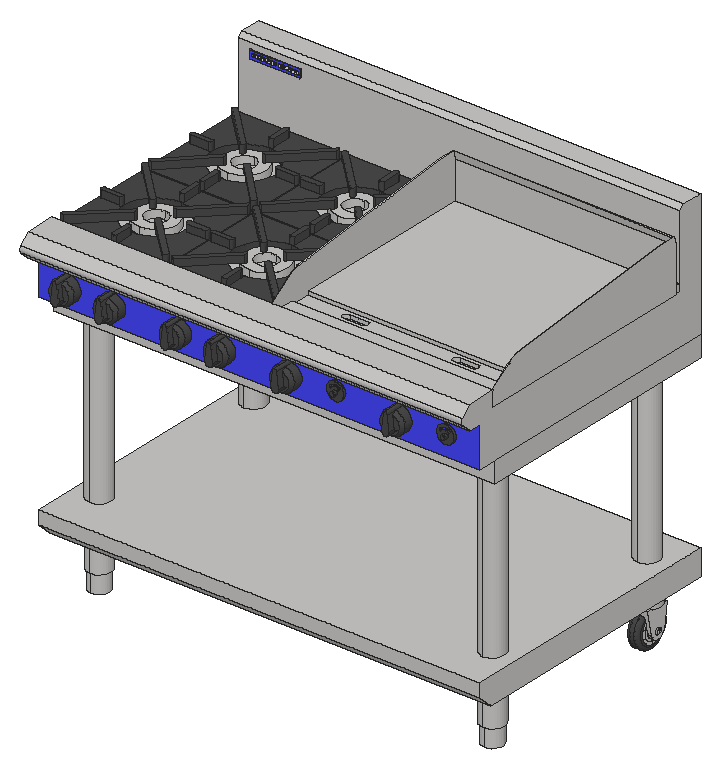
Revit family "QF_MOFFAT_BLUESEAL_CE_G518B-LS", category Specialty Equipment, Revit 2012
Parameters
  Width = 1200 mm
  Weight in Pounds = 347  # constant formula
  URL Cutsheet = "www.moffat.com"
  URL = "www.moffat.com"
  Type Mark [instance] = ""
  Status [instance] = ""
  Specification by User [instance] = ""
  Specification by Manufacturer = ""
  Show Logo [instance] = yes
  Show Casters [instance] = yes
  Serial Number = ""
  Seismic Rating = ""
  SMACNA No = ""
  Revision Code [instance] = ""
  Omniclass Number and Title = ""
  NAFEM Spec ID Number = ""
  Model = "G518B-LS"
  Mechanical Remarks = ""
  Mechanical Connection Type = ""
  Masterspec = ""
  Manufacturer = "MOFFAT BLUESEAL"
  Legs [instance] = not(Show Casters)  # no
  Item Number [instance] = ""
  Installed By [instance] = ""
  Identify Quantity as Lot [instance] = yes
  Gas Size = 3/4"
  Gas RI Height = 0 mm
  Gas KW = 40
  Gas Input = 137000.0 Btu/h
  Gas Connection Height = 0 mm
  Furnished By [instance] = ""
  Foodservice Equipment Identifier [instance] = yes
  Description = "1200MM GAS COOK TOP ON LEG STAND"
  Depth = 812 mm
  CSI MasterFormat = ""
  CSI Master Format = ""
  Base Height [instance] = 150 mm
Reference planes
  plane 1 "BACK": y = 0
  plane 2: z = 0
  plane 3 "LEFT": x = 0
  plane 4 "RIGHT": x = 1200
  plane 5 "FRONT": y = -812
  plane 6 "TOP": z = 970
  plane 7 "Center Y": x = 600
  plane 8 "Center X": y = -406
  plane 9 "Base Height": z = 150
  plane 10: z = 915
  plane 11: x = 1070
  plane 12: z = 1085
  plane 13: x = 65.354
  plane 14: y = -625
  plane 15: y = -100
  plane 16: z = 655
  plane 17: x = 1134.646
Forms (mm)
  Extrusion 1, solid, material "QF_Finishes_Stainless Steel"
    sketch origin (0, 0, 0) x (0, 1, 0) y (0, 0, 1)
      loop
        line (-749, 850) -> (-749, 740) -> (0, 740) -> (0, 1085) -> (-57.5, 1085) -> (-70, 1072.5) -> (-70, 875) -> (-705, 875) -> (-705, 915) -> (-783.97, 915) -> (-808.485, 890.485)
        arc (-808.485, 890.485) -> (-811.999, 882) -> (-808.485, 873.515) r 12
        line (-808.485, 873.515) -> (-784.97, 850) -> (-749, 850)
      loop
        line (0, 685) -> (0, 739.5) -> (-699, 739.5) -> (-699, 685) -> (0, 685)
      loop
        line (0, 222.5) -> (-749, 222.5) -> (-749, 186) -> (-713, 150) -> (0, 150) -> (0, 222.5)
    from 0 to 1200
  Revolve 2, solid, material "QF_Finishes_Black"
    sketch origin (90, 7, 600) x (0, 1, 0) y (0, 0, -1)
      loop
        line (-789, -229.5) -> (-766, -229.5) -> (-766, -202) -> (-756, -202) -> (-756, -197) -> (-800, -197) -> (-800, -223.651) -> (-789, -229.5)
      axis (-800, -197) -> (-756, -197)
    angle from 0 to 360
  Extrusion 3, solid, material "QF_Finishes_Black"
    sketch origin (90, -759, 797) x (0, 0, 1) y (1, 0, 0)
      loop
        arc (32.192, -4.965) -> (37.079, 0.034) -> (32.192, 5.033) r 5
        line (32.192, 5.033) -> (-10.726, 10.453)
        arc (-10.726, 10.453) -> (-22.392, 0.618) -> (-11.893, -10.454) r 10.487
        line (-11.893, -10.454) -> (32.192, -4.965)
    from 0 to -49
  Extrusion 4, solid, material "QF_Finishes_Stainless Steel"
    sketch origin (0, 0, 222.5) x (0, -1, 0) y (1, 0, 0)
      loop
        circle (100, 65) r 31.75
      loop
        circle (625, 65) r 31.75
      loop
        circle (100, 1135) r 31.75
      loop
        circle (625, 1135) r 31.75
    from 0 to 462.5
  Revolve 5, solid, material "QF_Finishes_Stainless Steel", visible <- "Legs"
    sketch origin (65.5, -166, 0) x (0, 1, 0) y (0, 0, 1)
      loop
        line (34.25, 150) -> (34.25, 50) -> (38.5, 50) -> (38.5, 0) -> (66, 0) -> (66, 150) -> (34.25, 150)
      axis (66, 150) -> (66, 0)
    angle from 0 to 360
  Revolve 6, solid, material "QF_Finishes_Stainless Steel"
    sketch origin (65.5, -735, 0) x (0, 1, 0) y (0, 0, 1)
      loop
        line (78.25, 150) -> (78.25, 50) -> (82.5, 50) -> (82.5, 0) -> (110, 0) -> (110, 150) -> (78.25, 150)
      axis (110, 150) -> (110, 0)
    angle from 0 to 360
  Revolve 7, solid, material "QF_Finishes_Stainless Steel", visible <- "Show Casters"
    sketch origin (16.276, -100.755, -12.8) x (1, 0, 0) y (0, 0, 1)
      loop
        line (14.841, 63.604) -> (83.584, 63.604) -> (83.584, 67.109) -> (82.314, 68.379) -> (80.79, 68.379) -> (80.79, 71.826) -> (68.644, 71.826) -> (68.644, 81.79) -> (65.088, 83.843) -> (63.738, 92.179) -> (65.881, 92.179) -> (65.881, 98.529) -> (65.088, 98.529) -> (65.088, 104.879)
        arc (65.088, 104.879) -> (62.298, 111.614) -> (55.563, 114.404) r 9.525
        line (55.563, 114.404) -> (42.863, 114.404)
        arc (42.863, 114.404) -> (36.127, 111.614) -> (33.338, 104.879) r 9.525
        line (33.338, 104.879) -> (33.338, 98.529) -> (32.544, 98.529) -> (32.544, 92.179) -> (34.687, 92.179) -> (33.352, 83.932) -> (29.782, 81.871) -> (29.782, 71.826) -> (17.635, 71.826) -> (17.635, 68.379) -> (16.111, 68.379) -> (14.841, 67.109) -> (14.841, 63.604)
      axis (14.841, 63.604) -> (83.584, 63.604)
    angle from 0 to 360
  Extrusion 8, solid, material "QF_Finishes_Stainless Steel", visible <- "Show Casters"
    sketch origin (72.001, 132.353, -8.783) x (0, 1, 0) y (0, 0, 1)
      loop
        line (-200.603, 118.783) -> (-264.103, 118.783) -> (-251.746, 53.895)
        arc (-251.746, 53.895) -> (-232.353, 38.783) -> (-212.959, 53.895) r 20
        line (-212.959, 53.895) -> (-200.603, 118.783)
    from -35.667 to 22.923
  Revolve 9, solid, material "QF_Finishes_Stainless Steel", visible <- "Show Casters"
    sketch origin (65.5, -204, 0) x (0, 1, 0) y (0, 0, 1)
      loop
        line (68.25, 150) -> (68.25, 110) -> (104, 110) -> (104, 150) -> (68.25, 150)
      axis (104, 150) -> (104, 110)
    angle from 0 to 360
  Revolve 10, solid, material "QF_Finishes_Stainless Steel", visible <- "Legs"
    sketch origin (65.5, -166, 0) x (0, 1, 0) y (0, 0, 1)
      loop
        line (34.25, 150) -> (34.25, 50) -> (38.5, 50) -> (38.5, 0) -> (66, 0) -> (66, 150) -> (34.25, 150)
      axis (66, 150) -> (66, 0)
    angle from 0 to 360
  Extrusion 11, solid, material "QF_Finishes_Stainless Steel"
    sketch origin (0, 0, 685) x (-1, 0, 0) y (0, 1, 0)
      loop
        circle (-1070, -32) r 6.35
    from 0 to 30
  Revolve 12, solid, material "QF_Finishes_Black"
    sketch origin (390, 7, 600) x (0, 1, 0) y (0, 0, -1)
      loop
        line (-789, -229.5) -> (-766, -229.5) -> (-766, -202) -> (-756, -202) -> (-756, -197) -> (-800, -197) -> (-800, -223.651) -> (-789, -229.5)
      axis (-800, -197) -> (-756, -197)
    angle from 0 to 360
  Extrusion 13, solid, material "QF_Finishes_Black"
    sketch origin (390, -759, 797) x (0, 0, 1) y (1, 0, 0)
      loop
        arc (32.192, -4.965) -> (37.079, 0.034) -> (32.192, 5.033) r 5
        line (32.192, 5.033) -> (-10.726, 10.453)
        arc (-10.726, 10.453) -> (-22.392, 0.618) -> (-11.893, -10.454) r 10.487
        line (-11.893, -10.454) -> (32.192, -4.965)
    from 0 to -49
  Revolve 14, solid, material "QF_Finishes_Black"
    sketch origin (690, 7, 600) x (0, 1, 0) y (0, 0, -1)
      loop
        line (-789, -229.5) -> (-766, -229.5) -> (-766, -202) -> (-756, -202) -> (-756, -197) -> (-800, -197) -> (-800, -223.651) -> (-789, -229.5)
      axis (-800, -197) -> (-756, -197)
    angle from 0 to 360
  Extrusion 15, solid, material "QF_Finishes_Black"
    sketch origin (690, -759, 797) x (0, 0, 1) y (1, 0, 0)
      loop
        arc (32.192, -4.965) -> (37.079, 0.034) -> (32.192, 5.033) r 5
        line (32.192, 5.033) -> (-10.726, 10.453)
        arc (-10.726, 10.453) -> (-22.392, 0.618) -> (-11.893, -10.454) r 10.487
        line (-11.893, -10.454) -> (32.192, -4.965)
    from 0 to -49
  Revolve 16, solid, material "QF_Finishes_Black"
    sketch origin (210, 7, 600) x (0, 1, 0) y (0, 0, -1)
      loop
        line (-789, -229.5) -> (-766, -229.5) -> (-766, -202) -> (-756, -202) -> (-756, -197) -> (-800, -197) -> (-800, -223.651) -> (-789, -229.5)
      axis (-800, -197) -> (-756, -197)
    angle from 0 to 360
  Extrusion 17, solid, material "QF_Finishes_Black"
    sketch origin (210, -759, 797) x (0, 0, 1) y (1, 0, 0)
      loop
        arc (32.192, -4.965) -> (37.079, 0.034) -> (32.192, 5.033) r 5
        line (32.192, 5.033) -> (-10.726, 10.453)
        arc (-10.726, 10.453) -> (-22.392, 0.618) -> (-11.893, -10.454) r 10.487
        line (-11.893, -10.454) -> (32.192, -4.965)
    from 0 to -49
  Revolve 18, solid, material "QF_Finishes_Stainless Steel", visible <- "Legs"
    sketch origin (1134.5, -166, 0) x (0, 1, 0) y (0, 0, -1)
      loop
        line (34.25, -150) -> (66, -150) -> (66, 0) -> (38.5, 0) -> (38.5, -50) -> (34.25, -50) -> (34.25, -150)
      axis (66, -150) -> (66, 0)
    angle from 0 to 360
  Revolve 19, solid, material "QF_Finishes_Stainless Steel"
    sketch origin (1134.5, -735, 0) x (0, 1, 0) y (0, 0, -1)
      loop
        line (78.25, -150) -> (110, -150) -> (110, 0) -> (82.5, 0) -> (82.5, -50) -> (78.25, -50) -> (78.25, -150)
      axis (110, -150) -> (110, 0)
    angle from 0 to 360
  Revolve 20, solid, material "QF_Finishes_Stainless Steel", visible <- "Show Casters"
    sketch origin (1183.724, -100.755, -12.8) x (-1, 0, 0) y (0, 0, -1)
      loop
        line (14.841, -63.604) -> (14.841, -67.109) -> (16.111, -68.379) -> (17.635, -68.379) -> (17.635, -71.826) -> (29.782, -71.826) -> (29.782, -81.871) -> (33.352, -83.932) -> (34.687, -92.179) -> (32.544, -92.179) -> (32.544, -98.529) -> (33.338, -98.529) -> (33.338, -104.879)
        arc (33.338, -104.879) -> (36.127, -111.614) -> (42.863, -114.404) r 9.525
        line (42.863, -114.404) -> (55.563, -114.404)
        arc (55.563, -114.404) -> (62.298, -111.614) -> (65.088, -104.879) r 9.525
        line (65.088, -104.879) -> (65.088, -98.529) -> (65.881, -98.529) -> (65.881, -92.179) -> (63.738, -92.179) -> (65.088, -83.843) -> (68.644, -81.79) -> (68.644, -71.826) -> (80.79, -71.826) -> (80.79, -68.379) -> (82.314, -68.379) -> (83.584, -67.109) -> (83.584, -63.604) -> (14.841, -63.604)
      axis (14.841, -63.604) -> (83.584, -63.604)
    angle from 0 to 360
  Extrusion 21, solid, material "QF_Finishes_Stainless Steel", visible <- "Show Casters"
    sketch origin (1127.999, 132.353, -8.783) x (0, 1, 0) y (0, 0, -1)
      loop
        line (-200.603, -118.783) -> (-212.959, -53.895)
        arc (-212.959, -53.895) -> (-232.353, -38.783) -> (-251.746, -53.895) r 20
        line (-251.746, -53.895) -> (-264.103, -118.783) -> (-200.603, -118.783)
    from -35.667 to 22.923
  Revolve 22, solid, material "QF_Finishes_Stainless Steel", visible <- "Show Casters"
    sketch origin (1134.5, -204, 0) x (0, 1, 0) y (0, 0, -1)
      loop
        line (68.25, -150) -> (104, -150) -> (104, -110) -> (68.25, -110) -> (68.25, -150)
      axis (104, -150) -> (104, -110)
    angle from 0 to 360
  Revolve 23, solid, material "QF_Finishes_Stainless Steel", visible <- "Legs"
    sketch origin (1134.5, -166, 0) x (0, 1, 0) y (0, 0, -1)
      loop
        line (34.25, -150) -> (66, -150) -> (66, 0) -> (38.5, 0) -> (38.5, -50) -> (34.25, -50) -> (34.25, -150)
      axis (66, -150) -> (66, 0)
    angle from 0 to 360
  Revolve 24, solid, material "QF_Finishes_Black"
    sketch origin (990, 7, 600) x (0, 1, 0) y (0, 0, -1)
      loop
        line (-789, -229.5) -> (-766, -229.5) -> (-766, -202) -> (-756, -202) -> (-756, -197) -> (-800, -197) -> (-800, -223.651) -> (-789, -229.5)
      axis (-800, -197) -> (-756, -197)
    angle from 0 to 360
  Extrusion 25, solid, material "QF_Finishes_Black"
    sketch origin (990, -759, 797) x (0, 0, 1) y (1, 0, 0)
      loop
        arc (32.192, -4.965) -> (37.079, 0.034) -> (32.192, 5.033) r 5
        line (32.192, 5.033) -> (-10.726, 10.453)
        arc (-10.726, 10.453) -> (-22.392, 0.618) -> (-11.893, -10.454) r 10.487
        line (-11.893, -10.454) -> (32.192, -4.965)
    from 0 to -49
  Revolve 26, solid, material "QF_Finishes_Black"
    sketch origin (510, 7, 600) x (0, 1, 0) y (0, 0, -1)
      loop
        line (-789, -229.5) -> (-766, -229.5) -> (-766, -202) -> (-756, -202) -> (-756, -197) -> (-800, -197) -> (-800, -223.651) -> (-789, -229.5)
      axis (-800, -197) -> (-756, -197)
    angle from 0 to 360
  Extrusion 27, solid, material "QF_Finishes_Black"
    sketch origin (510, -759, 797) x (0, 0, 1) y (1, 0, 0)
      loop
        arc (32.192, -4.965) -> (37.079, 0.034) -> (32.192, 5.033) r 5
        line (32.192, 5.033) -> (-10.726, 10.453)
        arc (-10.726, 10.453) -> (-22.392, 0.618) -> (-11.893, -10.454) r 10.487
        line (-11.893, -10.454) -> (32.192, -4.965)
    from 0 to -49
  Extrusion 28, solid, material "QF_Finishes_Black"
    sketch origin (0, -749, 850) x (0, 0, -1) y (1, 0, 0)
      loop
        circle (53, 810) r 23.9
      loop
        circle (53, 1110) r 23.9
      loop
        arc (45.641, 1118.419) -> (46.501, 1123.219) -> (41.701, 1124.079) r 3.448
        arc (41.701, 1124.079) -> (35.116, 1109.341) -> (42.919, 1095.209) r 18.095
        arc (42.919, 1095.209) -> (47.641, 1096.491) -> (46.326, 1101.204) r 3.448
        arc (46.326, 1101.204) -> (42.758, 1109.683) -> (45.641, 1118.419) r 13.109
      loop
        arc (45.641, 818.419) -> (46.501, 823.219) -> (41.701, 824.079) r 3.448
        arc (41.701, 824.079) -> (35.116, 809.341) -> (42.919, 795.209) r 18.095
        arc (42.919, 795.209) -> (47.641, 796.491) -> (46.326, 801.204) r 3.448
        arc (46.326, 801.204) -> (42.758, 809.683) -> (45.641, 818.419) r 13.109
    from 0 to 5
  Extrusion 29, solid, material "QF_Finishes_Black"
    sketch origin (0, -754, 850) x (0, 0, -1) y (1, 0, 0)
      loop
        circle (56.5, 810) r 5.75
      loop
        circle (56.5, 1110) r 5.75
    from 0 to 10
Lines and regions (mm)
  Split face 1
    outline origin (0, -56.5, 1085) x (0, 1, 0) y (-1, 0, 0)
      loop
        line (11.115, -638.041) -> (11.115, -866)
        arc (11.115, -866) -> (16.115, -874.66) -> (26.115, -874.66) r 10
        line (26.115, -874.66) -> (33.115, -870.619)
        arc (33.115, -870.619) -> (36.775, -866.959) -> (38.115, -861.959) r 10
        line (38.115, -861.959) -> (38.115, -634)
        arc (38.115, -634) -> (33.115, -625.34) -> (23.115, -625.34) r 10
        line (23.115, -625.34) -> (16.115, -629.381)
        arc (16.115, -629.381) -> (12.455, -633.041) -> (11.115, -638.041) r 10
  Split face 2
    outline origin (0, -56.5, 1085) x (0, 1, 0) y (-1, 0, 0)
      loop
        line (38.115, -1151.959) -> (38.115, -924)
        arc (38.115, -924) -> (33.115, -915.34) -> (23.115, -915.34) r 10
        line (23.115, -915.34) -> (16.115, -919.381)
        arc (16.115, -919.381) -> (12.455, -923.041) -> (11.115, -928.041) r 10
        line (11.115, -928.041) -> (11.115, -1156)
        arc (11.115, -1156) -> (16.115, -1164.66) -> (26.115, -1164.66) r 10
        line (26.115, -1164.66) -> (33.115, -1160.619)
        arc (33.115, -1160.619) -> (36.775, -1156.959) -> (38.115, -1151.959) r 10
  Split face 3
    outline origin (0, -56.5, 1085) x (0, 1, 0) y (-1, 0, 0)
      loop
        line (11.115, -48.041) -> (11.115, -276)
        arc (11.115, -276) -> (16.115, -284.66) -> (26.115, -284.66) r 10
        line (26.115, -284.66) -> (33.115, -280.619)
        arc (33.115, -280.619) -> (36.775, -276.959) -> (38.115, -271.959) r 10
        line (38.115, -271.959) -> (38.115, -44)
        arc (38.115, -44) -> (33.115, -35.34) -> (23.115, -35.34) r 10
        line (23.115, -35.34) -> (16.115, -39.381)
        arc (16.115, -39.381) -> (12.455, -43.041) -> (11.115, -48.041) r 10
  Split face 4
    outline origin (0, -56.5, 1085) x (0, 1, 0) y (-1, 0, 0)
      loop
        arc (38.115, -344) -> (33.115, -335.34) -> (23.115, -335.34) r 10
        line (23.115, -335.34) -> (16.115, -339.381)
        arc (16.115, -339.381) -> (12.455, -343.041) -> (11.115, -348.041) r 10
        line (11.115, -348.041) -> (11.115, -576)
        arc (11.115, -576) -> (16.115, -584.66) -> (26.115, -584.66) r 10
        line (26.115, -584.66) -> (33.115, -580.619)
        arc (33.115, -580.619) -> (36.775, -576.959) -> (38.115, -571.959) r 10
        line (38.115, -571.959) -> (38.115, -344)
  symbolic lines, style "SpecialityEquipmentHiddenLines", visible <- "Show Casters"
    curve 1: line (78.456, -46.735, 0) -> (105.952, -62.61, 0)
    curve 2: line (27.656, -134.723, 0) -> (78.456, -46.735, 0)
    curve 3: line (55.152, -150.598, 0) -> (27.656, -134.723, 0)
    curve 4: line (105.952, -62.61, 0) -> (55.152, -150.598, 0)
    curve 5: line (1148.456, -46.735, 0) -> (1175.952, -62.61, 0)
    curve 6: line (1097.656, -134.723, 0) -> (1148.456, -46.735, 0)
    curve 7: line (1125.152, -150.598, 0) -> (1097.656, -134.723, 0)
    curve 8: line (1175.952, -62.61, 0) -> (1125.152, -150.598, 0)
  symbolic lines
    curve 9: line (0, -783.97, 0) -> (1200, -783.97, 0)
    curve 10: line (0, 0, 0) -> (0, -811.999, 0)
    curve 11: line (1200, -811.999, 0) -> (1200, 0, 0)
    curve 12: line (1200, -811.999, 0) -> (0, -811.999, 0)
    curve 13: line (0, -70, 0) -> (1200, -70, 0)
    curve 14: line (0, -57.5, 0) -> (1200, -57.5, 0)
    curve 15: line (1200, 0, 0) -> (0, 0, 0)
    curve 16: line (271.959, -18.385, 0) -> (44, -18.385, 0)
    curve 17: arc (44, -18.385, 0) -> (35.34, -23.385, 0) -> (35.34, -33.385, 0) r 10
    curve 18: line (35.34, -33.385, 0) -> (39.381, -40.385, 0)
    curve 19: arc (39.381, -40.385, 0) -> (43.041, -44.045, 0) -> (48.041, -45.385, 0) r 10
    curve 20: line (48.041, -45.385, 0) -> (276, -45.385, 0)
    curve 21: arc (276, -45.385, 0) -> (284.66, -40.385, 0) -> (284.66, -30.385, 0) r 10
    curve 22: line (284.66, -30.385, 0) -> (280.619, -23.385, 0)
    curve 23: arc (280.619, -23.385, 0) -> (276.959, -19.725, 0) -> (271.959, -18.385, 0) r 10
    curve 24: line (0, -705, 0) -> (1200, -705, 0)
    curve 25: line (571.959, -18.385, 0) -> (344, -18.385, 0)
    curve 26: arc (344, -18.385, 0) -> (335.34, -23.385, 0) -> (335.34, -33.385, 0) r 10
    curve 27: line (335.34, -33.385, 0) -> (339.381, -40.385, 0)
    curve 28: arc (339.381, -40.385, 0) -> (343.041, -44.045, 0) -> (348.041, -45.385, 0) r 10
    curve 29: line (348.041, -45.385, 0) -> (576, -45.385, 0)
    curve 30: arc (576, -45.385, 0) -> (584.66, -40.385, 0) -> (584.66, -30.385, 0) r 10
    curve 31: line (584.66, -30.385, 0) -> (580.619, -23.385, 0)
    curve 32: arc (580.619, -23.385, 0) -> (576.959, -19.725, 0) -> (571.959, -18.385, 0) r 10
    curve 33: line (861.959, -18.385, 0) -> (634, -18.385, 0)
    curve 34: arc (634, -18.385, 0) -> (625.34, -23.385, 0) -> (625.34, -33.385, 0) r 10
    curve 35: line (625.34, -33.385, 0) -> (629.381, -40.385, 0)
    curve 36: arc (629.381, -40.385, 0) -> (633.041, -44.045, 0) -> (638.041, -45.385, 0) r 10
    curve 37: line (638.041, -45.385, 0) -> (866, -45.385, 0)
    curve 38: arc (866, -45.385, 0) -> (874.66, -40.385, 0) -> (874.66, -30.385, 0) r 10
    curve 39: line (874.66, -30.385, 0) -> (870.619, -23.385, 0)
    curve 40: arc (870.619, -23.385, 0) -> (866.959, -19.725, 0) -> (861.959, -18.385, 0) r 10
    curve 41: line (924, -18.385, 0) -> (1151.959, -18.385, 0)
    curve 42: arc (1151.959, -18.385, 0) -> (1156.959, -19.725, 0) -> (1160.619, -23.385, 0) r 10
    curve 43: line (1160.619, -23.385, 0) -> (1164.66, -30.385, 0)
    curve 44: arc (1164.66, -30.385, 0) -> (1164.66, -40.385, 0) -> (1156, -45.385, 0) r 10
    curve 45: line (1156, -45.385, 0) -> (928.041, -45.385, 0)
    curve 46: arc (928.041, -45.385, 0) -> (923.041, -44.045, 0) -> (919.381, -40.385, 0) r 10
    curve 47: line (919.381, -40.385, 0) -> (915.34, -33.385, 0)
    curve 48: arc (915.34, -33.385, 0) -> (915.34, -23.385, 0) -> (924, -18.385, 0) r 10
Dimensions and locks
  equal spacing: plane 3 "LEFT", plane 7 "Center Y", plane 4 "RIGHT"
  "Width": plane 3 "LEFT" to plane 4 "RIGHT"
  equal spacing: plane 5 "FRONT", plane 8 "Center X", plane 1 "BACK"
  "Depth": plane 5 "FRONT" to plane 1 "BACK"
  equal spacing: plane 4 "RIGHT", plane 7 "Center Y", plane 3 "LEFT"
  plane 4 "RIGHT" to plane 3 "LEFT" = 1200 mm
  plane 5 "FRONT" to plane 1 "BACK" = 812 mm
  "Base Height": plane 9 "Base Height" to level
  plane 6 "TOP" to level = 970 mm
  plane 10 to level = 915 mm
  plane 11 to plane 4 "RIGHT" = 130 mm
  plane 12 to plane 2 = 1085 mm
  Revolve 7 sketch curve to Revolve 7 sketch curve = 50.8 mm
  plane 15 to plane 14 = 525 mm
  plane 16 to plane 2 = 655 mm
  Extrusion 11 sketch curve to plane 1 "BACK" = 32 mm
  Revolve 20 sketch curve to Revolve 20 sketch curve = 50.8 mm
  aligned and locked: level to plane 2
Automatic sketch dimensions
  curve 10 to plane 3 "LEFT" = 0 mm
  curve 24 to plane 4 "RIGHT" = 0 mm
  plane 1 "BACK" to curve 15 = 0 mm
  plane 3 "LEFT" to curve 3 = 27.656 mm
  plane 13 to curve 18 = 30.014 mm
  curve 17 to curve 19 = 4.041 mm
  curve 17 to curve 17 = 8.66 mm
  curve 18 to curve 20 = 8.66 mm
  plane 13 to curve 3 = 10.202 mm
  curve 1 to plane 13 = 13.102 mm
  plane 1 "BACK" to curve 16 = 18.385 mm
  curve 1 to curve 16 = 166.007 mm
  curve 23 to curve 21 = 4.041 mm
  curve 23 to curve 23 = 8.66 mm
  plane 1 "BACK" to curve 22 = 30.385 mm
  curve 23 to curve 22 = 4.041 mm
  curve 22 to curve 26 = 50.679 mm
  plane 1 "BACK" to curve 27 = 40.385 mm
  curve 27 to curve 27 = 4.041 mm
  curve 26 to curve 26 = 8.66 mm
  curve 26 to curve 28 = 4.041 mm
  curve 32 to plane 7 "Center Y" = 28.041 mm
  curve 32 to curve 29 = 4.041 mm
  curve 32 to curve 31 = 8.66 mm
  curve 32 to curve 30 = 4.041 mm
  plane 7 "Center Y" to curve 35 = 25.34 mm
  curve 35 to curve 35 = 4.041 mm
  curve 34 to curve 34 = 8.66 mm
  curve 35 to curve 37 = 8.66 mm
  plane 1 "BACK" to curve 33 = 18.385 mm
  curve 33 to plane 11 = 208.041 mm
  curve 40 to curve 37 = 4.041 mm
  plane 1 "BACK" to curve 39 = 23.385 mm
  curve 33 to curve 39 = 8.66 mm
  plane 1 "BACK" to curve 39 = 30.385 mm
  curve 40 to curve 39 = 4.041 mm
  curve 38 to curve 48 = 40.679 mm
  plane 1 "BACK" to curve 47 = 40.385 mm
  curve 47 to curve 47 = 4.041 mm
  curve 48 to curve 48 = 8.66 mm
  curve 47 to curve 46 = 8.66 mm
  plane 11 to curve 6 = 27.656 mm
  curve 7 to plane 17 = 9.494 mm
  plane 17 to curve 6 = 13.809 mm
  plane 17 to curve 41 = 17.312 mm
  curve 42 to curve 44 = 4.041 mm
  curve 42 to curve 43 = 8.66 mm
  curve 42 to curve 43 = 4.041 mm
  curve 19 to curve 16 = 22 mm
  plane 1 "BACK" to curve 30 = 45.385 mm
  curve 21 to curve 21 = 15 mm
  plane 1 "BACK" to curve 44 = 45.385 mm
  curve 38 to curve 39 = 15 mm
  curve 2 to curve 19 = 1.35 mm
  curve 5 to curve 45 = 1.35 mm
  curve 14 to plane 15 = 42.5 mm
  curve 8 to curve 14 = 5.11 mm
  curve 4 to curve 1 = 15.875 mm
  curve 13 to curve 14 = 12.5 mm
  plane 14 to curve 24 = 80 mm
  curve 9 to plane 5 "FRONT" = 28.03 mm
  curve 10 to plane 5 "FRONT" = 0.001 mm
  curve 37 to curve 35 = 5 mm
  curve 45 to curve 44 = 10 mm
  curve 29 to curve 30 = 10 mm
  curve 18 to curve 17 = 7 mm
  curve 46 to curve 47 = 7 mm
  curve 28 to curve 26 = 7 mm  (x2)
  curve 36 to curve 35 = 7 mm
  curve 46 to curve 48 = 7 mm
  curve 44 to curve 42 = 7 mm
  curve 30 to curve 32 = 7 mm
  curve 21 to curve 23 = 7 mm
  plane 10 to Extrusion 1 sketch curve = 0 mm
  Extrusion 1 sketch curve to plane 9 "Base Height" = 0 mm
  plane 12 to Extrusion 1 sketch curve = 0 mm
  Extrusion 1 sketch curve to plane 1 "BACK" = 0 mm  (x3)
  Extrusion 1 sketch curve to plane 15 = 42.5 mm
  plane 12 to Extrusion 1 sketch curve = 12.5 mm
  Extrusion 1 sketch curve to Extrusion 1 sketch curve = 12.5 mm
  plane 16 to Extrusion 1 sketch curve = 30 mm
  plane 14 to Extrusion 1 sketch curve = 74 mm
  plane 14 to Extrusion 1 sketch curve = 80 mm
  plane 14 to Extrusion 1 sketch curve = 88 mm
  Extrusion 1 sketch curve to Extrusion 1 sketch curve = 44 mm
  Extrusion 1 sketch curve to Extrusion 1 sketch curve = 36 mm
  Extrusion 1 sketch curve to plane 5 "FRONT" = 28.03 mm
  Extrusion 1 sketch curve to plane 5 "FRONT" = 27.03 mm
  Extrusion 1 sketch curve to plane 5 "FRONT" = 12.001 mm
  Extrusion 1 sketch curve to plane 5 "FRONT" = 3.515 mm  (x2)
  plane 9 "Base Height" to Extrusion 1 sketch curve = 36 mm
  plane 9 "Base Height" to Extrusion 1 sketch curve = 72.5 mm
  Extrusion 1 sketch curve to Extrusion 1 sketch curve = 54.5 mm
  Extrusion 1 sketch curve to Extrusion 1 sketch curve = 0.5 mm
  plane 10 to Extrusion 1 sketch curve = 65 mm
  Extrusion 1 sketch curve to Extrusion 1 sketch curve = 23.515 mm
  plane 10 to Extrusion 1 sketch curve = 40 mm
  Extrusion 1 sketch curve to Extrusion 1 sketch curve = 8.485 mm
  Revolve 2 sketch curve to plane 5 "FRONT" = 19 mm
  Revolve 2 sketch curve to Revolve 2 sketch curve = 0 mm  (x2)
  Revolve 2 sketch curve to Revolve 2 sketch curve = 11 mm
  Revolve 2 sketch curve to Revolve 2 sketch curve = 12.7 mm
  Revolve 2 sketch curve to Revolve 2 sketch curve = 23 mm
  Revolve 2 sketch curve to Revolve 2 sketch curve = 10 mm
  plane 10 to Revolve 2 sketch curve = 85.5 mm
  Revolve 2 sketch curve to Revolve 2 sketch curve = 5.849 mm
  Revolve 2 sketch curve to Revolve 2 sketch curve = 27.5 mm
  Revolve 2 sketch curve to Revolve 2 sketch curve = 5 mm
  Extrusion 3 sketch curve to Revolve 2 = 0.034 mm  (x2)
  Revolve 2 to Extrusion 3 sketch curve = 10.454 mm
  Extrusion 3 sketch curve to Extrusion 3 sketch curve = 0.028 mm
  Extrusion 3 sketch curve to Revolve 2 = 10.453 mm
  Extrusion 3 sketch curve to Extrusion 3 sketch curve = 44 mm
  Extrusion 3 sketch curve to Revolve 2 = 5.033 mm
  Extrusion 3 sketch curve to Extrusion 3 sketch curve = 0.113 mm
  Revolve 2 to Extrusion 3 sketch curve = 4.965 mm
  Extrusion 4 sketch curve to Extrusion 4 sketch curve = 0 mm  (x8)
  Extrusion 1 to Extrusion 4 sketch curve = 68.25 mm  (x2)
  Extrusion 4 sketch curve to Extrusion 4 sketch curve = 31.75 mm  (x4)
  Extrusion 4 sketch curve to Extrusion 1 = 155.75 mm  (x2)
  Extrusion 1 to Extrusion 4 sketch curve = 65 mm  (x4)
  Revolve 5 sketch curve to plane 9 "Base Height" = 0 mm
  Revolve 5 sketch curve to level = 0 mm
  Revolve 5 sketch curve to plane 15 = 0 mm  (x2)
  plane 15 to Revolve 5 sketch curve = 27.5 mm
  plane 15 to Revolve 5 sketch curve = 31.75 mm
  Revolve 5 sketch curve to Revolve 5 sketch curve = 55 mm
  level to Revolve 5 sketch curve = 50 mm
  Revolve 5 sketch curve to Revolve 5 sketch curve = 0 mm
  Revolve 6 sketch curve to plane 9 "Base Height" = 0 mm
  Revolve 6 sketch curve to level = 0 mm
  Revolve 6 sketch curve to plane 14 = 0 mm  (x2)
  Revolve 6 sketch curve to Revolve 6 sketch curve = 27.5 mm
  Revolve 6 sketch curve to Revolve 6 sketch curve = 31.75 mm
  Revolve 6 sketch curve to Revolve 6 sketch curve = 55 mm
  level to Revolve 6 sketch curve = 50 mm
  Revolve 6 sketch curve to Revolve 6 sketch curve = 0 mm
  plane 3 "LEFT" to Revolve 7 sketch curve = 31.118 mm
  Revolve 7 sketch curve to Revolve 7 sketch curve = 1.27 mm  (x4)
  Revolve 7 sketch curve to Revolve 7 sketch curve = 1.524 mm  (x2)
  Revolve 7 sketch curve to Revolve 7 sketch curve = 12.146 mm  (x2)
  plane 13 to Revolve 7 sketch curve = 16.533 mm
  Revolve 7 sketch curve to Revolve 7 sketch curve = 0.794 mm  (x2)
  Revolve 7 sketch curve to Revolve 7 sketch curve = 3.57 mm
  Revolve 7 sketch curve to Revolve 7 sketch curve = 2.143 mm
  plane 13 to Revolve 7 sketch curve = 6.215 mm
  Revolve 7 sketch curve to plane 13 = 5.276 mm
  Revolve 7 sketch curve to plane 13 = 6.485 mm
  Revolve 7 sketch curve to plane 13 = 14.661 mm
  Revolve 7 sketch curve to Revolve 7 sketch curve = 1.349 mm  (x2)
  Revolve 7 sketch curve to Revolve 7 sketch curve = 3.556 mm
  Revolve 7 sketch curve to Revolve 7 sketch curve = 33.32 mm
  level to Revolve 7 sketch curve = 50.804 mm
  Revolve 7 sketch curve to Revolve 7 sketch curve = 0 mm
  Revolve 7 sketch curve to Revolve 7 sketch curve = 3.505 mm  (x2)
  Revolve 7 sketch curve to Revolve 7 sketch curve = 3.447 mm  (x2)
  Revolve 7 sketch curve to Revolve 7 sketch curve = 9.964 mm
  Revolve 7 sketch curve to Revolve 7 sketch curve = 10.045 mm
  Revolve 7 sketch curve to Revolve 7 sketch curve = 2.053 mm
  Revolve 7 sketch curve to Revolve 7 sketch curve = 2.061 mm
  Revolve 7 sketch curve to Revolve 7 sketch curve = 8.247 mm
  Revolve 7 sketch curve to Revolve 7 sketch curve = 8.336 mm
  Revolve 7 sketch curve to Revolve 7 sketch curve = 6.35 mm  (x2)
  Extrusion 8 sketch curve to plane 15 = 0 mm
  plane 15 to Extrusion 8 sketch curve = 19.393 mm
  plane 15 to Extrusion 8 sketch curve = 31.75 mm
  Extrusion 8 sketch curve to plane 15 = 19.393 mm
  Extrusion 8 sketch curve to plane 15 = 31.75 mm
  level to Extrusion 8 sketch curve = 45.111 mm
  Extrusion 8 sketch curve to Extrusion 8 sketch curve = 4.889 mm
  Extrusion 8 sketch curve to plane 9 "Base Height" = 40 mm
  Revolve 9 sketch curve to plane 9 "Base Height" = 0 mm
  Revolve 9 sketch curve to plane 15 = 0 mm  (x2)
  plane 15 to Revolve 9 sketch curve = 35.75 mm
  Revolve 9 sketch curve to Revolve 9 sketch curve = 40 mm
  level to Revolve 9 sketch curve = 50 mm
  Revolve 9 sketch curve to level = 55 mm
  Revolve 10 sketch curve to plane 9 "Base Height" = 0 mm
  Revolve 10 sketch curve to level = 0 mm
  Revolve 10 sketch curve to plane 15 = 0 mm  (x2)
  plane 15 to Revolve 10 sketch curve = 27.5 mm
  plane 15 to Revolve 10 sketch curve = 31.75 mm
  Revolve 10 sketch curve to Revolve 10 sketch curve = 55 mm
  level to Revolve 10 sketch curve = 50 mm
  Revolve 10 sketch curve to Revolve 10 sketch curve = 0 mm
  Extrusion 11 sketch curve to Extrusion 11 sketch curve = 0 mm
  Extrusion 11 sketch curve to Extrusion 1 = 38.35 mm
  Extrusion 11 sketch curve to Extrusion 1 = 130 mm
  Split face 1 sketch curve to Extrusion 1 = 12.115 mm
  Split face 1 sketch curve to Split face 1 sketch curve = 5 mm  (x3)
  Split face 1 sketch curve to Split face 1 sketch curve = 10 mm  (x2)
  Split face 1 sketch curve to Split face 1 sketch curve = 7 mm  (x4)
  Split face 1 sketch curve to Extrusion 1 = 325.34 mm
  Split face 1 sketch curve to Split face 1 sketch curve = 4.041 mm  (x2)
  Split face 1 sketch curve to Split face 1 sketch curve = 223.917 mm
  Split face 2 sketch curve to Extrusion 1 = 12.115 mm
  Split face 2 sketch curve to Split face 2 sketch curve = 5 mm  (x3)
  Split face 2 sketch curve to Split face 2 sketch curve = 10 mm  (x2)
  Split face 2 sketch curve to Split face 2 sketch curve = 7 mm  (x4)
  Split face 2 sketch curve to Extrusion 1 = 35.34 mm
  Split face 2 sketch curve to Split face 2 sketch curve = 4.041 mm  (x2)
  Split face 2 sketch curve to Split face 2 sketch curve = 223.917 mm
  Split face 3 sketch curve to Extrusion 1 = 12.115 mm
  Split face 3 sketch curve to Split face 3 sketch curve = 5 mm  (x3)
  Split face 3 sketch curve to Split face 3 sketch curve = 10 mm  (x2)
  Split face 3 sketch curve to Split face 3 sketch curve = 7 mm  (x4)
  Split face 3 sketch curve to Extrusion 1 = 284.66 mm
  Split face 3 sketch curve to Split face 3 sketch curve = 4.041 mm  (x2)
  Split face 3 sketch curve to Extrusion 1 = 48.041 mm
  Revolve 12 sketch curve to plane 5 "FRONT" = 19 mm
  Revolve 12 sketch curve to Revolve 12 sketch curve = 0 mm  (x2)
  Revolve 12 sketch curve to Revolve 12 sketch curve = 11 mm
  Revolve 12 sketch curve to Revolve 12 sketch curve = 12.7 mm
  Revolve 12 sketch curve to Revolve 12 sketch curve = 23 mm
  Revolve 12 sketch curve to Revolve 12 sketch curve = 10 mm
  plane 10 to Revolve 12 sketch curve = 85.5 mm
  Revolve 12 sketch curve to Revolve 12 sketch curve = 5.849 mm
  Revolve 12 sketch curve to Revolve 12 sketch curve = 27.5 mm
  Revolve 12 sketch curve to Revolve 12 sketch curve = 5 mm
  Extrusion 13 sketch curve to Revolve 12 = 0.034 mm  (x2)
  Revolve 12 to Extrusion 13 sketch curve = 10.454 mm
  Extrusion 13 sketch curve to Extrusion 13 sketch curve = 0.028 mm
  Extrusion 13 sketch curve to Revolve 12 = 10.453 mm
  Extrusion 13 sketch curve to Extrusion 13 sketch curve = 44 mm
  Extrusion 13 sketch curve to Revolve 12 = 5.033 mm
  Extrusion 13 sketch curve to Extrusion 13 sketch curve = 0.113 mm
  Revolve 12 to Extrusion 13 sketch curve = 4.965 mm
  Revolve 14 sketch curve to plane 5 "FRONT" = 19 mm
  Revolve 14 sketch curve to Revolve 14 sketch curve = 0 mm  (x2)
  Revolve 14 sketch curve to Revolve 14 sketch curve = 11 mm
  Revolve 14 sketch curve to Revolve 14 sketch curve = 12.7 mm
  Revolve 14 sketch curve to Revolve 14 sketch curve = 23 mm
  Revolve 14 sketch curve to Revolve 14 sketch curve = 10 mm
  plane 10 to Revolve 14 sketch curve = 85.5 mm
  Revolve 14 sketch curve to Revolve 14 sketch curve = 5.849 mm
  Revolve 14 sketch curve to Revolve 14 sketch curve = 27.5 mm
  Revolve 14 sketch curve to Revolve 14 sketch curve = 5 mm
  Extrusion 15 sketch curve to Revolve 14 = 0.034 mm  (x2)
  Revolve 14 to Extrusion 15 sketch curve = 10.454 mm
  Extrusion 15 sketch curve to Extrusion 15 sketch curve = 0.028 mm
  Extrusion 15 sketch curve to Revolve 14 = 10.453 mm
  Extrusion 15 sketch curve to Extrusion 15 sketch curve = 44 mm
  Extrusion 15 sketch curve to Revolve 14 = 5.033 mm
  Extrusion 15 sketch curve to Extrusion 15 sketch curve = 0.113 mm
  Revolve 14 to Extrusion 15 sketch curve = 4.965 mm
  Revolve 16 sketch curve to plane 5 "FRONT" = 19 mm
  Revolve 16 sketch curve to Revolve 16 sketch curve = 0 mm  (x2)
  Revolve 16 sketch curve to Revolve 16 sketch curve = 11 mm
  Revolve 16 sketch curve to Revolve 16 sketch curve = 12.7 mm
  Revolve 16 sketch curve to Revolve 16 sketch curve = 23 mm
  Revolve 16 sketch curve to Revolve 16 sketch curve = 10 mm
  plane 10 to Revolve 16 sketch curve = 85.5 mm
  Revolve 16 sketch curve to Revolve 16 sketch curve = 5.849 mm
  Revolve 16 sketch curve to Revolve 16 sketch curve = 27.5 mm
  Revolve 16 sketch curve to Revolve 16 sketch curve = 5 mm
  Extrusion 17 sketch curve to Revolve 16 = 0.034 mm  (x2)
  Revolve 16 to Extrusion 17 sketch curve = 10.454 mm
  Extrusion 17 sketch curve to Extrusion 17 sketch curve = 0.028 mm
  Extrusion 17 sketch curve to Revolve 16 = 10.453 mm
  Extrusion 17 sketch curve to Extrusion 17 sketch curve = 44 mm
  Extrusion 17 sketch curve to Revolve 16 = 5.033 mm
  Extrusion 17 sketch curve to Extrusion 17 sketch curve = 0.113 mm
  Revolve 16 to Extrusion 17 sketch curve = 4.965 mm
  Revolve 18 sketch curve to plane 9 "Base Height" = 0 mm
  Revolve 18 sketch curve to level = 0 mm
  Revolve 18 sketch curve to plane 15 = 0 mm  (x2)
  plane 15 to Revolve 18 sketch curve = 27.5 mm
  plane 15 to Revolve 18 sketch curve = 31.75 mm
  level to Revolve 18 sketch curve = 50 mm
  Revolve 18 sketch curve to Revolve 18 sketch curve = 0 mm
  Revolve 18 sketch curve to Revolve 18 sketch curve = 55 mm
  Revolve 19 sketch curve to plane 9 "Base Height" = 0 mm
  Revolve 19 sketch curve to level = 0 mm
  Revolve 19 sketch curve to plane 14 = 0 mm  (x2)
  Revolve 19 sketch curve to Revolve 19 sketch curve = 27.5 mm
  Revolve 19 sketch curve to Revolve 19 sketch curve = 31.75 mm
  level to Revolve 19 sketch curve = 50 mm
  Revolve 19 sketch curve to Revolve 19 sketch curve = 0 mm
  Revolve 19 sketch curve to Revolve 19 sketch curve = 55 mm
  plane 4 "RIGHT" to Revolve 20 sketch curve = 31.118 mm
  Revolve 20 sketch curve to Revolve 20 sketch curve = 1.27 mm  (x4)
  Revolve 20 sketch curve to Revolve 20 sketch curve = 1.524 mm  (x2)
  Revolve 20 sketch curve to Revolve 20 sketch curve = 12.146 mm  (x2)
  plane 17 to Revolve 20 sketch curve = 16.533 mm
  Revolve 20 sketch curve to Revolve 20 sketch curve = 0.794 mm  (x2)
  Revolve 20 sketch curve to Revolve 20 sketch curve = 3.57 mm
  Revolve 20 sketch curve to Revolve 20 sketch curve = 2.143 mm
  plane 17 to Revolve 20 sketch curve = 6.215 mm
  Revolve 20 sketch curve to plane 17 = 5.276 mm
  Revolve 20 sketch curve to plane 17 = 6.485 mm
  Revolve 20 sketch curve to plane 17 = 14.661 mm
  Revolve 20 sketch curve to Revolve 20 sketch curve = 1.349 mm  (x2)
  Revolve 20 sketch curve to Revolve 20 sketch curve = 3.556 mm
  Revolve 20 sketch curve to plane 11 = 3.18 mm
  Revolve 20 sketch curve to plane 9 "Base Height" = 48.396 mm
  Revolve 20 sketch curve to Revolve 20 sketch curve = 6.35 mm  (x4)
  Revolve 20 sketch curve to Revolve 20 sketch curve = 8.247 mm
  Revolve 20 sketch curve to Revolve 20 sketch curve = 8.336 mm
  Revolve 20 sketch curve to Revolve 20 sketch curve = 2.061 mm
  Revolve 20 sketch curve to Revolve 20 sketch curve = 2.053 mm
  Revolve 20 sketch curve to Revolve 20 sketch curve = 10.045 mm
  Revolve 20 sketch curve to Revolve 20 sketch curve = 9.964 mm
  Revolve 20 sketch curve to Revolve 20 sketch curve = 3.447 mm  (x2)
  Revolve 20 sketch curve to Revolve 20 sketch curve = 3.505 mm
  Extrusion 21 sketch curve to plane 15 = 0 mm
  plane 15 to Extrusion 21 sketch curve = 19.393 mm
  plane 15 to Extrusion 21 sketch curve = 31.75 mm
  Extrusion 21 sketch curve to plane 15 = 19.393 mm
  Extrusion 21 sketch curve to plane 15 = 31.75 mm
  Extrusion 21 sketch curve to plane 9 "Base Height" = 40 mm
  level to Extrusion 21 sketch curve = 50 mm
  Extrusion 21 sketch curve to Extrusion 21 sketch curve = 4.889 mm
  Revolve 22 sketch curve to plane 9 "Base Height" = 0 mm
  Revolve 22 sketch curve to plane 15 = 0 mm  (x2)
  plane 15 to Revolve 22 sketch curve = 35.75 mm
  Revolve 22 sketch curve to Revolve 22 sketch curve = 40 mm
  level to Revolve 22 sketch curve = 50 mm
  Revolve 22 sketch curve to level = 55 mm
  Revolve 23 sketch curve to plane 9 "Base Height" = 0 mm
  Revolve 23 sketch curve to level = 0 mm
  Revolve 23 sketch curve to plane 15 = 0 mm  (x2)
  plane 15 to Revolve 23 sketch curve = 27.5 mm
  plane 15 to Revolve 23 sketch curve = 31.75 mm
  level to Revolve 23 sketch curve = 50 mm
  Revolve 23 sketch curve to Revolve 23 sketch curve = 0 mm
  Revolve 23 sketch curve to Revolve 23 sketch curve = 55 mm
  Split face 4 sketch curve to Extrusion 1 = 12.115 mm
  Split face 4 sketch curve to Split face 4 sketch curve = 5 mm  (x4)
  Split face 4 sketch curve to Split face 4 sketch curve = 10 mm
  Split face 4 sketch curve to Split face 4 sketch curve = 7 mm  (x4)
  Split face 4 sketch curve to Extrusion 1 = 584.66 mm
  Split face 4 sketch curve to Split face 4 sketch curve = 4.041 mm  (x2)
  Split face 4 sketch curve to Split face 4 sketch curve = 223.917 mm
  Revolve 24 sketch curve to plane 5 "FRONT" = 19 mm
  Revolve 24 sketch curve to Revolve 24 sketch curve = 0 mm  (x2)
  Revolve 24 sketch curve to Revolve 24 sketch curve = 11 mm
  Revolve 24 sketch curve to Revolve 24 sketch curve = 12.7 mm
  Revolve 24 sketch curve to Revolve 24 sketch curve = 23 mm
  Revolve 24 sketch curve to Revolve 24 sketch curve = 10 mm
  plane 10 to Revolve 24 sketch curve = 85.5 mm
  Revolve 24 sketch curve to Revolve 24 sketch curve = 5.849 mm
  Revolve 24 sketch curve to Revolve 24 sketch curve = 27.5 mm
  Revolve 24 sketch curve to Revolve 24 sketch curve = 5 mm
  Extrusion 25 sketch curve to Revolve 24 = 0.034 mm  (x2)
  Revolve 24 to Extrusion 25 sketch curve = 10.454 mm
  Extrusion 25 sketch curve to Extrusion 25 sketch curve = 0.028 mm
  Extrusion 25 sketch curve to Revolve 24 = 10.453 mm
  Extrusion 25 sketch curve to Extrusion 25 sketch curve = 44 mm
  Extrusion 25 sketch curve to Revolve 24 = 5.033 mm
  Extrusion 25 sketch curve to Extrusion 25 sketch curve = 0.113 mm
  Revolve 24 to Extrusion 25 sketch curve = 4.965 mm
  Revolve 26 sketch curve to plane 5 "FRONT" = 19 mm
  Revolve 26 sketch curve to Revolve 26 sketch curve = 0 mm  (x2)
  Revolve 26 sketch curve to Revolve 26 sketch curve = 11 mm
  Revolve 26 sketch curve to Revolve 26 sketch curve = 12.7 mm
  Revolve 26 sketch curve to Revolve 26 sketch curve = 23 mm
  Revolve 26 sketch curve to Revolve 26 sketch curve = 10 mm
  plane 10 to Revolve 26 sketch curve = 85.5 mm
  Revolve 26 sketch curve to Revolve 26 sketch curve = 5.849 mm
  Revolve 26 sketch curve to Revolve 26 sketch curve = 27.5 mm
  Revolve 26 sketch curve to Revolve 26 sketch curve = 5 mm
  Extrusion 27 sketch curve to Revolve 26 = 0.034 mm  (x2)
  Revolve 26 to Extrusion 27 sketch curve = 10.454 mm
  Extrusion 27 sketch curve to Extrusion 27 sketch curve = 0.028 mm
  Extrusion 27 sketch curve to Revolve 26 = 10.453 mm
  Extrusion 27 sketch curve to Extrusion 27 sketch curve = 44 mm
  Extrusion 27 sketch curve to Revolve 26 = 5.033 mm
  Extrusion 27 sketch curve to Extrusion 27 sketch curve = 0.113 mm
  Revolve 26 to Extrusion 27 sketch curve = 4.965 mm
  plane 10 to Extrusion 28 sketch curve = 106.701 mm  (x2)
  Extrusion 28 sketch curve to Extrusion 28 sketch curve = 1.218 mm  (x2)
  Extrusion 28 sketch curve to Extrusion 28 sketch curve = 1.97 mm  (x4)
  Extrusion 28 sketch curve to Extrusion 28 sketch curve = 1.724 mm  (x2)
  Extrusion 28 sketch curve to Extrusion 28 sketch curve = 1.683 mm  (x2)
  Extrusion 28 sketch curve to Extrusion 28 sketch curve = 6.674 mm  (x2)
  Extrusion 28 sketch curve to Extrusion 28 sketch curve = 0.195 mm  (x2)
  Extrusion 28 sketch curve to Extrusion 28 sketch curve = 2.662 mm  (x2)
  plane 7 "Center Y" to Extrusion 28 sketch curve = 495.209 mm
  Extrusion 28 sketch curve to Extrusion 28 sketch curve = 2.986 mm  (x2)
  Extrusion 28 sketch curve to Extrusion 28 sketch curve = 8.796 mm  (x2)
  Extrusion 28 sketch curve to Extrusion 28 sketch curve = 0.103 mm  (x2)
  Extrusion 28 sketch curve to Extrusion 28 sketch curve = 0.102 mm  (x2)
  plane 7 "Center Y" to Extrusion 28 sketch curve = 195.209 mm
  Extrusion 29 sketch curve to Extrusion 29 sketch curve = 0 mm
  Extrusion 29 sketch curve to Extrusion 29 sketch curve = 300 mm
  radius of Extrusion 28 sketch curve = 23.9 mm  (x2)
  radius of Extrusion 29 sketch curve = 5.75 mm  (x2)
Nested families
  nested 1: "WALDORF LOGO_FACE BASE" at (32, -70, 1057.475) x (1, 0, 0) z (0, -1, 0), visible <- "Show Logo", type "WALDORF LOGO_FACE BASE", detail levels medium+fine
    with Show Logo yes
  nested 2: "GAS BURNER 600 & GRIDDLE 600" at (0, -70, 875.195), type "GAS BURNER 600 & GRIDDLE 600"
    with Width 1200 mm, Type Mark "", Status "", Specification by User "", Revision Code "", Item Number "", Installed By "", Identify Quantity as Lot yes, Furnished By "", Foodservice Equipment Identifier yes, Depth 635 mm
Connectors
  piping at (1070, -32, 655)
    settings: on Extrusion 11, index 1, connector radius 0.37402", flow factor 0, pipe flow 0 GPM, pressure drop 0.00 psi, fitting loss kfactor 0, connector angle 0.00°, fixture units 0, engagement length 0 mm, flow configuration 1, flow direction 1, fitting loss method 0, system type 7, joint type 0, gender type 0, connector reference index -1, connector utility 0, adjustable connector no, is connector primary yes, fitting loss table "", connector description "GAS CONNECTION"
Definition of nested family "WALDORF LOGO_FACE BASE"
  Parameters (values of type "WALDORF LOGO_FACE BASE")
    Show Logo [instance] = yes
    Default Elevation = 1219.2 mm
  Reference planes
    plane 1 "Center (Front/Back)": y = 0
    plane 2: z = 0
    plane 3 "Center (Left/Right)": x = 0
  Forms (mm)
    Extrusion 1, solid
      sketch origin (0, 0, 0) x (1, 0, 0) y (0, 1, 0)
        loop
          line (-1219.2, 1219.2) -> (-1219.2, -1219.2) -> (1219.2, -1219.2) -> (1219.2, 1219.2) -> (-1219.2, 1219.2)
      from 0 to -304.8
    Extrusion 2, solid, material "QF_Finishes_Blue", visible <- "Show Logo"
      sketch origin (0, -33.217, 0) x (1, 0, 0) y (0, 1, 0)
        loop
          arc (138, 31.942) -> (137.626, 32.844) -> (136.724, 33.217) r 1.276
          line (136.724, 33.217) -> (1.29, 33.217)
          arc (1.29, 33.217) -> (0.378, 32.839) -> (0, 31.927) r 1.29
          line (0, 31.927) -> (0, 11.507)
          arc (0, 11.507) -> (0.378, 10.595) -> (1.29, 10.217) r 1.29
          line (1.29, 10.217) -> (136.71, 10.217)
          arc (136.71, 10.217) -> (137.622, 10.595) -> (138, 11.507) r 1.29
          line (138, 11.507) -> (138, 31.942)
      from 0 to 1.588
    Extrusion 3, solid, material "QF_Finishes_White", visible <- "Show Logo"
      sketch origin (0, -33.217, 1.588) x (1, 0, 0) y (0, 1, 0)
        loop
          arc (108.946, 25.919) -> (107.613, 25.367) -> (107.061, 24.034) r 1.885
          line (107.061, 24.034) -> (107.061, 17.211) -> (112.704, 17.211) -> (112.704, 19.129) -> (115.546, 19.129) -> (115.546, 17.211) -> (121.584, 17.211) -> (121.584, 24.075)
          arc (121.584, 24.075) -> (121.043, 25.379) -> (119.739, 25.919) r 1.845
          line (119.739, 25.919) -> (108.946, 25.919)
        loop
          line (123.478, 25.919) -> (123.478, 17.163) -> (134.904, 17.163) -> (134.904, 19.129) -> (129.246, 19.129) -> (129.246, 25.919) -> (123.478, 25.919)
        loop
          line (112.704, 21.258) -> (115.546, 21.258) -> (115.546, 22.702)
          arc (115.546, 22.702) -> (115.344, 23.188) -> (114.858, 23.389) r 0.687
          line (114.858, 23.389) -> (113.363, 23.389)
          arc (113.363, 23.389) -> (112.897, 23.196) -> (112.704, 22.73) r 0.658
          line (112.704, 22.73) -> (112.704, 21.258)
        loop
          line (105.071, 25.919) -> (93.771, 25.919) -> (93.771, 17.163) -> (105.071, 17.163) -> (105.071, 19.063) -> (99.535, 19.063) -> (99.535, 20.437) -> (105.071, 20.437) -> (105.071, 22.278) -> (99.535, 22.278) -> (99.535, 23.587) -> (105.071, 23.587) -> (105.071, 25.919)
        loop
          line (91.104, 25.919) -> (79.541, 25.919)
          arc (79.541, 25.919) -> (78.558, 25.513) -> (78.152, 24.53) r 1.389
          line (78.152, 24.53) -> (78.152, 22.08)
          arc (78.152, 22.08) -> (78.558, 21.098) -> (79.541, 20.691) r 1.389
          line (79.541, 20.691) -> (86.346, 20.691) -> (86.346, 18.864) -> (83.266, 18.864) -> (83.266, 19.664) -> (78.152, 19.664) -> (78.152, 18.553)
          arc (78.152, 18.553) -> (78.558, 17.57) -> (79.541, 17.163) r 1.389
          line (79.541, 17.163) -> (91.063, 17.163)
          arc (91.063, 17.163) -> (92.045, 17.57) -> (92.452, 18.553) r 1.389
          line (92.452, 18.553) -> (92.452, 20.691)
          arc (92.452, 20.691) -> (92.045, 21.673) -> (91.063, 22.08) r 1.389
          line (91.063, 22.08) -> (83.266, 22.08) -> (83.266, 23.984) -> (86.346, 23.984) -> (86.346, 22.743) -> (92.452, 22.743) -> (92.452, 24.571)
          arc (92.452, 24.571) -> (92.057, 25.524) -> (91.104, 25.919) r 1.348
        loop
          line (70.705, 25.919) -> (59.405, 25.919) -> (59.405, 17.163) -> (70.705, 17.163) -> (70.705, 19.063) -> (65.169, 19.063) -> (65.169, 20.437) -> (70.705, 20.437) -> (70.705, 22.278) -> (65.169, 22.278) -> (65.169, 23.587) -> (70.705, 23.587) -> (70.705, 25.919)
        loop
          line (57.598, 25.919) -> (51.7, 25.919) -> (51.7, 20.18)
          arc (51.7, 20.18) -> (50.63, 19.11) -> (49.56, 20.18) r 1.07
          line (49.56, 20.18) -> (49.56, 25.919) -> (43.663, 25.919) -> (43.663, 19.049)
          arc (43.663, 19.049) -> (44.215, 17.716) -> (45.548, 17.163) r 1.885
          line (45.548, 17.163) -> (55.71, 17.163)
          arc (55.71, 17.163) -> (57.045, 17.716) -> (57.598, 19.051) r 1.887
          line (57.598, 19.051) -> (57.598, 25.919)
        loop
          line (31.62, 25.919) -> (31.62, 17.163) -> (43.046, 17.163) -> (43.046, 19.129) -> (37.388, 19.129) -> (37.388, 25.919) -> (31.62, 25.919)
        loop
          line (15.969, 25.919) -> (15.969, 17.163) -> (28.693, 17.163)
          arc (28.693, 17.163) -> (29.812, 17.627) -> (30.276, 18.746) r 1.582
          line (30.276, 18.746) -> (30.276, 20.447) -> (29.48, 21.243) -> (30.276, 22.039) -> (30.276, 24.332)
          arc (30.276, 24.332) -> (29.811, 25.454) -> (28.688, 25.919) r 1.587
          line (28.688, 25.919) -> (15.969, 25.919)
        loop
          line (21.449, 24.159) -> (21.449, 22.436) -> (23.862, 22.436)
          arc (23.862, 22.436) -> (24.723, 23.298) -> (23.862, 24.159) r 0.861
          line (23.862, 24.159) -> (21.449, 24.159)
        loop
          line (21.449, 20.244) -> (21.449, 18.522) -> (23.862, 18.522)
          arc (23.862, 18.522) -> (24.723, 19.383) -> (23.862, 20.244) r 0.861
          line (23.862, 20.244) -> (21.449, 20.244)
      from 0 to 0.2
    Extrusion 4, solid, material "QF_Finishes_Blue", visible <- "Show Logo"
      sketch origin (-126.498, -31.09, 1.588) x (1, 0, 0) y (0, 1, 0)
        loop
          line (136.738, 23.522) -> (136.738, 15.1)
          arc (136.738, 15.1) -> (140.756, 19.311) -> (136.738, 23.522) r 4.216
      from 0 to 0.2
    Extrusion 5, solid, material "QF_Finishes_Red", visible <- "Show Logo"
      sketch origin (146.849, -31.09, 1.588) x (-1, 0, 0) y (0, -1, 0)
        loop
          arc (136.738, -23.522) -> (140.756, -19.311) -> (136.738, -15.1) r 4.216
          line (136.738, -15.1) -> (136.738, -23.522)
      from 0 to 0.2
  Lines and regions (mm)
    Split face 1
      outline origin (-90.35, -30.793, 1.588) x (1, 0, 0) y (0, 1, 0)
        loop
          circle (100.54, 19.013) r 4.536
  Dimensions and locks
    aligned and locked: plane 2 to Extrusion 1
    aligned and locked: level to Extrusion 1
Definition of nested family "GAS BURNER 600 & GRIDDLE 600"
  Parameters (values of type "GAS BURNER 600 & GRIDDLE 600")
    Width [instance] = 1200 mm
    Weight in Pounds = 0
    URL Cutsheet = ""
    Type Mark [instance] = ""
    Status [instance] = ""
    Specification by User [instance] = ""
    Specification by Manufacturer = ""
    Serial Number = ""
    Seismic Rating = ""
    SMACNA No = ""
    Revision Code [instance] = ""
    Omniclass Number and Title = ""
    NAFEM Spec ID Number = ""
    Masterspec = ""
    Item Number [instance] = ""
    Installed By [instance] = ""
    Identify Quantity as Lot [instance] = yes
    Furnished By [instance] = ""
    Foodservice Equipment Identifier [instance] = yes
    Depth [instance] = 635 mm
    CSI MasterFormat = ""
    CSI Master Format = ""
  Reference planes
    plane 1 "BACK": y = 0
    plane 2: z = 0
    plane 3 "LEFT": x = 0
    plane 4 "RIGHT": x = 1200
    plane 5 "FRONT": y = -635
    plane 6 "TOP": z = 142.5
    plane 7 "Center Y": x = 600
    plane 8 "Center X": y = -317.5
  Dimensions and locks
    equal spacing: plane 3 "LEFT", plane 7 "Center Y", plane 4 "RIGHT"
    "Width": plane 3 "LEFT" to plane 4 "RIGHT"
    equal spacing: plane 5 "FRONT", plane 8 "Center X", plane 1 "BACK"
    "Depth": plane 5 "FRONT" to plane 1 "BACK"
    aligned and locked: level to plane 2
  Nested families
    nested 1: "GAS BURNER 600" at (0, 0, 0), type "GAS BURNER 600"
      with Width 600 mm, Type Mark "", Status "", Specification by User "", Revision Code "", Item Number "", Installed By "", Identify Quantity as Lot yes, Furnished By "", Foodservice Equipment Identifier yes, Depth 635 mm
    nested 2: "GAS GRIDDLE PLATE 600" at (600, -15, 0), type "GAS GRIDDLE PLATE 600"
      with Width 600 mm, Type Mark "", Status "", Specification by User "", Revision Code "", Item Number "", Installed By "", Identify Quantity as Lot yes, Furnished By "", Foodservice Equipment Identifier yes, Depth 620 mm
  Definition of nested family "GAS BURNER 600"
    Parameters (values of type "GAS BURNER 600")
      Width [instance] = 600 mm
      Weight in Pounds = 0
      URL Cutsheet = ""
      Type Mark [instance] = ""
      Status [instance] = ""
      Specification by User [instance] = ""
      Specification by Manufacturer = ""
      Serial Number = ""
      Seismic Rating = ""
      SMACNA No = ""
      Revision Code [instance] = ""
      Omniclass Number and Title = ""
      NAFEM Spec ID Number = ""
      Masterspec = ""
      Item Number [instance] = ""
      Installed By [instance] = ""
      Identify Quantity as Lot [instance] = yes
      Furnished By [instance] = ""
      Foodservice Equipment Identifier [instance] = yes
      Depth [instance] = 635 mm
      CSI MasterFormat = ""
      CSI Master Format = ""
    Reference planes
      plane 1 "BACK": y = 0
      plane 2: z = 0
      plane 3 "LEFT": x = 0
      plane 4 "RIGHT": x = 600
      plane 5 "FRONT": y = -635
      plane 6 "TOP": z = 142.5
      plane 7 "Center Y": x = 300
      plane 8 "Center X": y = -317.5
    Forms (mm)
      Extrusion 1, solid, material "QF_Finishes_Black"
        sketch origin (0, 0, 0) x (0, -1, 0) y (1, 0, 0)
          loop
            line (318.5, 4) -> (318.5, 296)
            arc (318.5, 296) -> (317.621, 298.121) -> (315.5, 299) r 3
            line (315.5, 299) -> (3, 299)
            arc (3, 299) -> (0.879, 298.121) -> (0, 296) r 3
            line (0, 296) -> (0, 4)
            arc (0, 4) -> (0.879, 1.879) -> (3, 1) r 3
            line (3, 1) -> (315.5, 1)
            arc (315.5, 1) -> (317.621, 1.879) -> (318.5, 4) r 3
          loop
            line (324.5, 1) -> (632, 1)
            arc (632, 1) -> (634.121, 1.879) -> (635, 4) r 3
            line (635, 4) -> (635, 296)
            arc (635, 296) -> (634.121, 298.121) -> (632, 299) r 3
            line (632, 299) -> (324.5, 299)
            arc (324.5, 299) -> (322.379, 298.121) -> (321.5, 296) r 3
            line (321.5, 296) -> (321.5, 4)
            arc (321.5, 4) -> (322.379, 1.879) -> (324.5, 1) r 3
          loop
            circle (168.5, 149.991) r 84.082
          loop
            circle (468.5, 149.991) r 84.082
        from 0 to 19.5
      Extrusion 2, solid, material "QF_Finishes_Black"
        sketch origin (0, 0, 19.5) x (0, -1, 0) y (1, 0, 0)
          loop
            spline (326.102, 15.153) -> (325.181, 13.924) -> (324.631, 12.47) -> (324.49, 10.89) -> (324.767, 9.292) -> (325.443, 7.786) -> (326.473, 6.473) -> (327.786, 5.443) -> (329.292, 4.767) -> (330.89, 4.49) -> (332.47, 4.631) -> (333.924, 5.181) -> (335.153, 6.102)
            line (335.153, 6.102) -> (443.076, 114.025)
            spline (443.076, 114.025) -> (443.837, 115.095) -> (444.238, 116.399) -> (444.251, 117.851) -> (443.875, 119.35) -> (443.137, 120.795) -> (442.086, 122.086) -> (440.795, 123.137) -> (439.35, 123.875) -> (437.851, 124.251) -> (436.399, 124.238) -> (435.095, 123.837) -> (434.025, 123.076)
            line (434.025, 123.076) -> (326.102, 15.153)
          loop
            spline (328.898, 156.4) -> (327.604, 156.182) -> (326.398, 155.543) -> (325.362, 154.525) -> (324.568, 153.2) -> (324.068, 151.656) -> (323.898, 150) -> (324.068, 148.344) -> (324.568, 146.8) -> (325.362, 145.475) -> (326.398, 144.457) -> (327.604, 143.818) -> (328.898, 143.6)
            line (328.898, 143.6) -> (378.102, 143.6)
            spline (378.102, 143.6) -> (379.396, 143.818) -> (380.602, 144.457) -> (381.638, 145.475) -> (382.432, 146.8) -> (382.932, 148.344) -> (383.102, 150) -> (382.932, 151.656) -> (382.432, 153.2) -> (381.638, 154.525) -> (380.602, 155.543) -> (379.396, 156.182) -> (378.102, 156.4)
            line (378.102, 156.4) -> (328.898, 156.4)
          loop
            spline (335.153, 293.898) -> (334.084, 294.659) -> (332.779, 295.059) -> (331.328, 295.072) -> (329.829, 294.697) -> (328.384, 293.959) -> (327.092, 292.908) -> (326.041, 291.616) -> (325.303, 290.171) -> (324.928, 288.672) -> (324.941, 287.221) -> (325.341, 285.916) -> (326.102, 284.847)
            line (326.102, 284.847) -> (434.025, 176.924)
            spline (434.025, 176.924) -> (435.095, 176.163) -> (436.399, 175.762) -> (437.851, 175.749) -> (439.35, 176.125) -> (440.795, 176.863) -> (442.086, 177.914) -> (443.137, 179.205) -> (443.875, 180.65) -> (444.251, 182.149) -> (444.238, 183.601) -> (443.837, 184.905) -> (443.076, 185.975)
            line (443.076, 185.975) -> (335.153, 293.898)
          loop
            line (463.6, 291.102) -> (463.6, 241.898)
